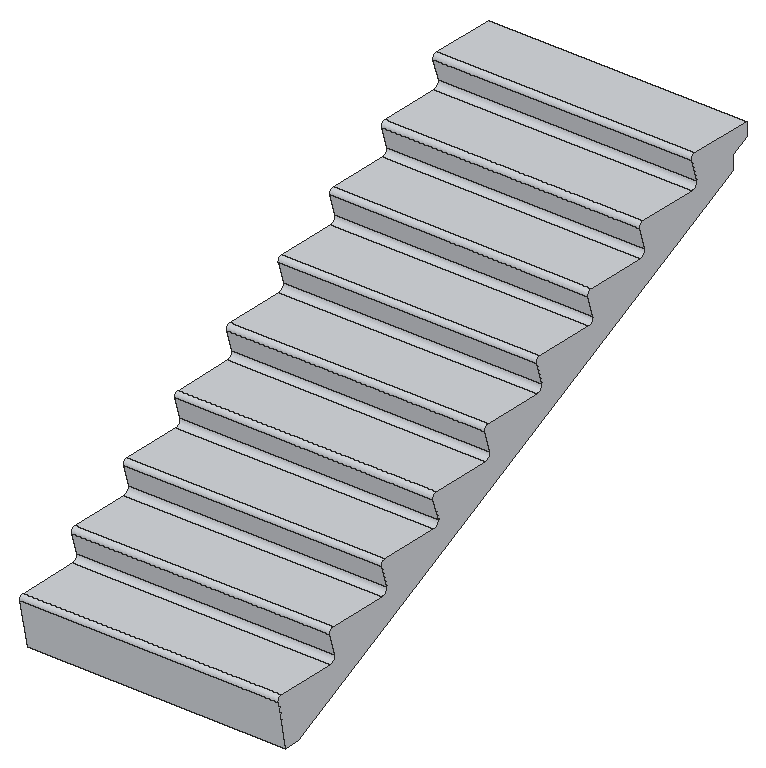
Revit family "Лестничные марши (с.1.151-1-7.1 в.1)", category Каркас несущий, Revit 2016
Family settings
  Округление длины несущего каркаса = 0 мм
  Форма сечения = Не задано
  Материал для поведения модели = Прочее
  Всегда экспортировать в виде геометрии = Нет
  На основе рабочей плоскости = Нет
  Всегда вертикально = Да
  При загрузке вырезать с полостями = Нет
  Условное обозначение = Из семейства
  Общий = Нет
  Показывать семейство разрезанным на планах = Да
Parameters (values of type "1ЛМ 30.12.15")
  Ширина B = 1200 mm
  Описание = "1ЛМ 30.12.15-4"
  Structural Material [instance] = none
  Масса = 1700
  Изготовитель = "серия 1.151.1-7.1-1.0.0.0"
  Длина A = 2700 mm
  Высота h = 1435 mm
Reference planes
  plane 1 "По центру (Вперед/Назад)": y = 0
  plane 2: z = 0
  plane 3 "По центру (Влево/Вправо)": x = 0
  plane 4 "Левая грань": x = -600
  plane 5 "Правая грань": x = 600
  plane 6: z = 1435
  plane 7: y = 2700
  plane 8: through (4267.2, 2619.392, 1394.696) normal (0, -0.4472, 0.8944)
  plane 9: through (4267.2, 2344.454, 1420.655) normal (0, -0.4472, 0.8944)
  plane 10: through (4267.2, 2645.331, 1342.819) normal (0, -0.4472, 0.8944)
  plane 11: through (4267.2, 2671.269, 1290.943) normal (0, -0.4472, 0.8944)
  plane 12: through (4267.2, 2748.964, 1337.073) normal (0, -0.8944, -0.4472)
  plane 13: through (4267.2, 2723.025, 1324.104) normal (0, -0.8944, -0.4472)
  plane 14: through (4267.2, 2643.421, 1284.302) normal (0, -0.8944, -0.4472)
  plane 15: through (4267.2, 2617.483, 1271.332) normal (0, -0.8944, -0.4472)
  plane 16: through (4267.2, 2380.388, 1411.078) normal (0, 0.9571, 0.2898)
Forms (mm)
  Extrusion 1, solid, material <- "Structural Material"
    sketch origin (600, 27.905, 0) x (0, -1, 0) y (0, 0, -1)
      loop
        line (-2672.095, -1435) -> (-2372.095, -1435)
        arc (-2372.095, -1435) -> (-2356.628, -1427.68) -> (-2352.483, -1411.078) r 20
        line (-2352.483, -1411.078) -> (-2381.609, -1314.903)
        arc (-2381.609, -1314.903) -> (-2376.428, -1294.15) -> (-2357.095, -1285) r 25
        line (-2357.095, -1285) -> (-2072.095, -1285)
        arc (-2072.095, -1285) -> (-2056.628, -1277.68) -> (-2052.483, -1261.078) r 20
        line (-2052.483, -1261.078) -> (-2081.609, -1164.903)
        arc (-2081.609, -1164.903) -> (-2076.428, -1144.15) -> (-2057.095, -1135) r 25
        line (-2057.095, -1135) -> (-1772.095, -1135)
        arc (-1772.095, -1135) -> (-1756.628, -1127.68) -> (-1752.483, -1111.078) r 20
        line (-1752.483, -1111.078) -> (-1781.609, -1014.903)
        arc (-1781.609, -1014.903) -> (-1776.428, -994.15) -> (-1757.095, -985) r 25
        line (-1757.095, -985) -> (-1472.095, -985)
        arc (-1472.095, -985) -> (-1456.628, -977.68) -> (-1452.483, -961.078) r 20
        line (-1452.483, -961.078) -> (-1481.609, -864.903)
        arc (-1481.609, -864.903) -> (-1476.428, -844.15) -> (-1457.095, -835) r 25
        line (-1457.095, -835) -> (-1172.095, -835)
        arc (-1172.095, -835) -> (-1156.628, -827.68) -> (-1152.483, -811.078) r 20
        line (-1152.483, -811.078) -> (-1181.609, -714.903)
        arc (-1181.609, -714.903) -> (-1176.428, -694.15) -> (-1157.095, -685) r 25
        line (-1157.095, -685) -> (-872.095, -685)
        arc (-872.095, -685) -> (-856.628, -677.68) -> (-852.483, -661.078) r 20
        line (-852.483, -661.078) -> (-881.609, -564.903)
        arc (-881.609, -564.903) -> (-876.428, -544.15) -> (-857.095, -535) r 25
        line (-857.095, -535) -> (-572.095, -535)
        arc (-572.095, -535) -> (-556.628, -527.68) -> (-552.483, -511.078) r 20
        line (-552.483, -511.078) -> (-581.609, -414.903)
        arc (-581.609, -414.903) -> (-576.428, -394.15) -> (-557.095, -385) r 25
        line (-557.095, -385) -> (-272.095, -385)
        arc (-272.095, -385) -> (-256.628, -377.68) -> (-252.483, -361.078) r 20
        line (-252.483, -361.078) -> (-281.609, -264.903)
        arc (-281.609, -264.903) -> (-276.428, -244.15) -> (-257.095, -235) r 25
        line (-257.095, -235) -> (27.905, -235)
        arc (27.905, -235) -> (43.372, -227.68) -> (47.517, -211.078) r 20
        line (47.517, -211.078) -> (1.905, 0) -> (-65.56, 0) -> (-2592.491, -1263.465) -> (-2592.491, -1330.352) -> (-2672.095, -1370.154) -> (-2672.095, -1435)
    from -1200 to 0
Lines and regions (mm)
  model lines
    curve 1: line (0, 2700, 1435) -> (0, 2700, 1422.733)
Dimensions and locks
  equal spacing: plane 4 "Левая грань", plane 3 "По центру (Влево/Вправо)", plane 5 "Правая грань"
  "Ширина B": plane 4 "Левая грань" to plane 5 "Правая грань"
  "Высота h": plane 6 to plane 2
  "Длина A": plane 1 "По центру (Вперед/Назад)" to plane 7
  aligned and locked: level to plane 2
  aligned and locked: plane 5 "Правая грань" to Extrusion 1
  aligned and locked: Extrusion 1 to plane 4 "Левая грань"
  aligned and locked: Extrusion 1 sketch curve to plane 6
  aligned and locked: Extrusion 1 sketch curve to plane 2
Automatic sketch dimensions
  Extrusion 1 sketch curve to plane 10 = 0 mm  (x2)
  plane 14 to Extrusion 1 sketch curve = 0 mm
  plane 11 to Extrusion 1 sketch curve = 1.825 mm  (x2)
  Extrusion 1 sketch curve to plane 6 = 20 mm
  Extrusion 1 sketch curve to Extrusion 1 sketch curve = 9.515 mm  (x8)
  Extrusion 1 sketch curve to Extrusion 1 sketch curve = 24.515 mm  (x8)
  Extrusion 1 sketch curve to Extrusion 1 sketch curve = 275.485 mm  (x7)
  Extrusion 1 sketch curve to Extrusion 1 sketch curve = 19.612 mm  (x7)
  plane 1 "По центру (Вперед/Назад)" to Extrusion 1 sketch curve = 0 mm
  Extrusion 1 sketch curve to plane 1 "По центру (Вперед/Назад)" = 19.612 mm
  Extrusion 1 sketch curve to Extrusion 1 sketch curve = 3.922 mm  (x8)
  plane 1 "По центру (Вперед/Назад)" to Extrusion 1 sketch curve = 26 mm
  curve 1 to plane 7 = 0 mm
  plane 6 to curve 1 = 0 mm
  plane 6 to curve 1 = 12.267 mm
  Extrusion 1 sketch curve to plane 7 = 0 mm
  Extrusion 1 sketch curve to Extrusion 1 sketch curve = 210.881 mm
  Extrusion 1 sketch curve to plane 6 = 23.922 mm
  Extrusion 1 sketch curve to plane 16 = 0 mm
  Extrusion 1 sketch curve to Extrusion 1 sketch curve = 25 mm  (x7)
  Extrusion 1 sketch curve to Extrusion 1 sketch curve = 96.175 mm  (x7)
  Extrusion 1 sketch curve to level = 211.078 mm
